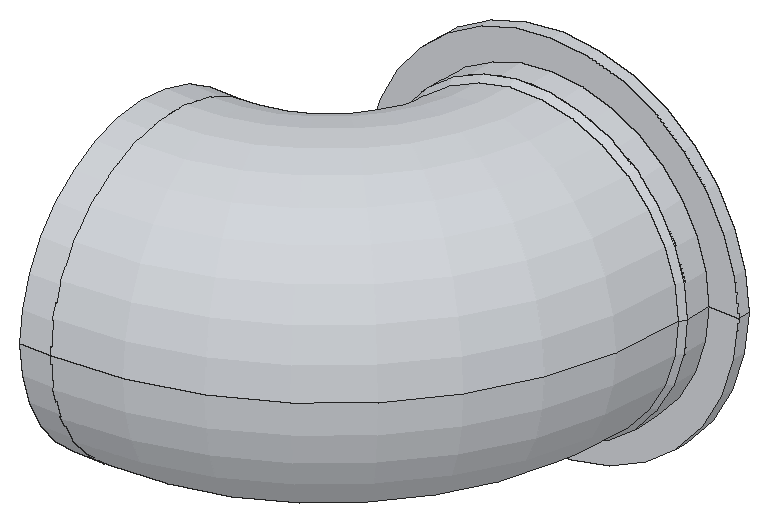
Revit family "403afd99f6084282bcae442fbff443ac", category Pipe Fittings, Revit 2021
Family settings
  Round Connector Dimension = Use Radius
  Part Type = Elbow
  OmniClass Number = 23.60.30.11.14
  OmniClass Title = Pipework Fittings
  Seek Item ID = Elbow - Threaded - MI - Class 300-0000-USA-ENU
  Work Plane-Based = No
  Always vertical = Yes
  Cut with Voids When Loaded = No
  Shared = No
Parameters (values of type "Standard")
  Tick Size [instance] = Fitting Outside Diameter * 0.4  # 12.8000"
  Socket Outside Radius [instance] = Socket Outside Diameter / 2  # 16.4100"
  Socket Outside Diameter [instance] = size_lookup(Lookup Table Name, "SOD", 1.08 * Nominal Diameter + 1.1200", Nominal Diameter)  # 32.8200"
  Socket Depth [instance] = if(Nominal Diameter < 14.0000", 2.5000", if(Nominal Diameter < 30.0000", 3.5000", 4.0000"))  # 4.0000"
  Lookup Table Name = "Bend Compact - MJ x PE - DI - Class 250"
  Length 5 [instance] = Bevel Length + Socket Depth  # 4.8200"
  Length 3 [instance] = sin(Angle) * (Center to Socket Bottom + Socket Depth)  # 25.5000"
  Length 2 [instance] = cos(Angle) * (Center to Socket Bottom + Socket Depth)  # 0.0000"
  Length 1 [instance] = Center to Socket Bottom - Bevel Length  # 20.6800"
  Gland Width [instance] = size_lookup(Lookup Table Name, "GWid", 0.03 * Nominal Diameter + 0.9400", Nominal Diameter)  # 1.3100"
  Gland Outside Radius [instance] = Gland Outside Diameter / 2  # 19.5600"
  Gland Outside Diameter [instance] = size_lookup(Lookup Table Name, "GOD", 1.16 * Nominal Diameter + 4.0300", Nominal Diameter)  # 39.1200"
  Fitting Outside Radius [instance] = Fitting Outside Diameter / 2  # 16.0000"
  Nominal Radius [instance] = 15.0000"
  Nominal Diameter [instance] = Nominal Radius * 2  # 30.0000"
  Loss Method = K Coefficient from Table
  K Coefficient Table = "Long Radius Elbow"
  Fitting Outside Diameter [instance] = size_lookup(Lookup Table Name, "FOD", 1.04 * Nominal Diameter + 0.7000", Nominal Diameter)  # 32.0000"
  Default Elevation = 0.0000"
  Center to Socket Bottom [instance] = size_lookup(Lookup Table Name, "CtSB", Center to Socket Bottom Not Found, Nominal Diameter, Angle)  # 21.5000"
  Center to End [instance] = size_lookup(Lookup Table Name, "CtE", Center to Socket Bottom + 1.0000", Nominal Diameter, Angle)  # 23.8700"
  Center Radius [instance] = Length 1 / tan(Angle / 2)  # 20.6800"
  Center to Socket Bottom Not Found [instance] = if(Angle < 11.25°, 0.1 * Nominal Diameter + 0.9000", (sin(Angle) * 0.71 * Nominal Diameter) + 1.0000")  # 22.3000"
  Bevel Length [instance] = size_lookup(Lookup Table Name, "BvLgt", 0.04 * Nominal Diameter + 0.4300", Nominal Diameter)  # 0.8200"
  Assembly Code = ""
  Angle [instance] = 90.00°
Reference planes (in)
  plane 1 "Center (Front/Back)": y = 0
  plane 2: z = 0
  plane 3 "Center (Left/Right)": x = 0
  plane 4: x = -20.68
  plane 5: y = 20.68
  plane 6: y = 12.8
  plane 7: y = -12.8
  plane 8: x = 0
  plane 9: y = 25.5
  plane 10: x = -23.87
Forms (in)
  Revolve 1, solid, detail levels fine
    sketch origin (0, 25.5, 0) x (0, -1, 0) y (1, 0, 0)
      loop
        line (0, 0) -> (0, -19.56) -> (1.31, -19.56) -> (1.31, -16.41) -> (4, -16.41) -> (4.82, -16) -> (4.82, 0) -> (0, 0)
      axis (0, 0) -> (4.82, 0)
    angle from 0 to 360
  Sweep 2, solid, detail levels fine
    path origin (0, 0, 0) x (1, 0, 0) y (0, 1, 0)
      loop
        arc (-20.68, 0) -> (-6.05703, 6.05703) -> (0, 20.68) r 20.68
    profile origin (-20.68, 0, 0) x (0, 1, 0) y (0, 0, 1)
      loop
        circle (0, 0) r 16
  Extrusion 3, solid, detail levels fine
    sketch origin (0, 0, 0) x (0, 1, 0) y (0, 0, 1)
      loop
        circle (0, 0) r 16
    from -23.87 to -20.68
Cuts and joins
  joined: Revolve 1, Sweep 2, Extrusion 3
Lines and regions (in)
  model lines, style "PipeFitting", detail levels coarse+medium
    curve 1: line (-23.87, 0, 0) -> (-20.68, 0, 0)
    curve 2: arc (-20.68, 0, 0) -> (-6.05703, 6.05703, 0) -> (0, 20.68, 0) r 20.68
    curve 6: line (0, 25.5, 0) -> (0, 20.68, 0)
  model lines, detail levels coarse+medium
    curve 3: line (-23.87, 0, 0) -> (-23.87, 12.8, 0)
    curve 4: line (-23.87, 0, 0) -> (-23.87, -12.8, 0)
    curve 7: line (12.8, 25.5, 0) -> (-12.8, 25.5, 0)
  reference lines, not visible
    curve 5: line (0, 25.5, 0) -> (0, 18.18528, 0)
Dimensions and locks (in)
  "Center Radius": plane 5 to plane 1 "Center (Front/Back)"
  "Tick Size": plane 6 to plane 1 "Center (Front/Back)"
  "Tick Size": plane 7 to plane 1 "Center (Front/Back)"
  "Socket Outside Radius": Revolve 1 sketch curve to Revolve 1 sketch curve
  "Gland Width": Revolve 1 sketch curve to Revolve 1 sketch curve
  "Fitting Outside Radius": Revolve 1 sketch curve to Revolve 1 sketch curve
  "Gland Outside Radius": Revolve 1 sketch curve to Revolve 1 sketch curve
  "Socket Depth": Revolve 1 sketch curve to Revolve 1 sketch curve
  "Length 1": plane 4 to plane 3 "Center (Left/Right)"
  "Length 3": plane 9 to plane 1 "Center (Front/Back)"
  "Length 2": plane 3 "Center (Left/Right)" to plane 8
  "Length 5": Revolve 1 sketch curve to Revolve 1 sketch curve
  "Length 5": curve 6 to curve 6
  "Tick Size": curve 7 to curve 6
  "Tick Size": curve 6 to curve 7
  "Center to End": plane 10 to plane 3 "Center (Left/Right)"
  "Center Radius": radius of curve 2
  "Center Radius": radius of Sweep 2 sketch curve
  "Fitting Outside Radius": radius of Sweep 2 sketch curve
  "Fitting Outside Radius": radius of Extrusion 3 sketch curve
  "Angle": angle curve 2 to curve 2
  "Angle": angle plane 9 to curve 5
  "Angle": angle Sweep 2 sketch curve to Sweep 2 sketch curve
  locked: curve 6 to curve 7 (angle 90.00°)
  aligned and locked: plane 4 to curve 2
  aligned and locked: plane 6 to curve 3
  aligned and locked: plane 1 "Center (Front/Back)" to curve 4
  aligned and locked: plane 7 to curve 4
  aligned and locked: plane 8 to curve 5
  aligned and locked: plane 9 to curve 5
  aligned and locked: Revolve 1 sketch curve to curve 5
  aligned and locked: curve 4 to plane 10
  aligned and locked: plane 5 to Sweep 2 sketch curve
  aligned and locked: curve 6 to curve 5
  aligned and locked: plane 4 to Sweep 2 sketch curve
  aligned and locked: plane 1 "Center (Front/Back)" to Extrusion 3 sketch curve
  aligned and locked: plane 2 to Extrusion 3 sketch curve
  aligned and locked: Extrusion 3 to plane 10
  aligned and locked: plane 4 to Extrusion 3
Automatic sketch dimensions
  Revolve 1 sketch curve to curve 5 = 0.0000"  (x2)
  Revolve 1 sketch curve to Revolve 1 sketch curve = 1.0000"
  Revolve 1 sketch curve to Revolve 1 sketch curve = 0.78127"
  Sweep 2 sketch curve to level = 0.0000"
  Sweep 2 sketch curve to profile plane = 0.0000"
Connectors (in)
  piping at (-23.87, 0, 0), diameter 30, driven by "Nominal Radius", driven by "Angle"
    settings: on Extrusion 3, index 1, connector inside diameter 30.0000", connector length 0.0000", flow factor 0, pipe flow 0 GPM, pressure drop 0.00 psi, fitting loss kfactor 0, connector angle 90.00°, fixture units 0, engagement length 0.0000", angle of deflection 0.00°, flow configuration 0, flow direction 0, fitting loss method 0, system type 28, joint type 0, gender type 0, connector reference index 2, connector utility 0, adjustable connector no, is connector primary yes, connector description ""
  piping at (0, 25.5, 0), diameter 30, driven by "Nominal Radius", driven by "Angle"
    settings: on Revolve 1, index 2, connector inside diameter 30.0000", connector length 0.0000", flow factor 0, pipe flow 0 GPM, pressure drop 0.00 psi, fitting loss kfactor 0, connector angle 90.00°, fixture units 0, engagement length 0.0000", angle of deflection 0.00°, flow configuration 0, flow direction 0, fitting loss method 0, system type 28, joint type 0, gender type 0, connector reference index 1, connector utility 0, adjustable connector no, is connector primary no, connector description ""
